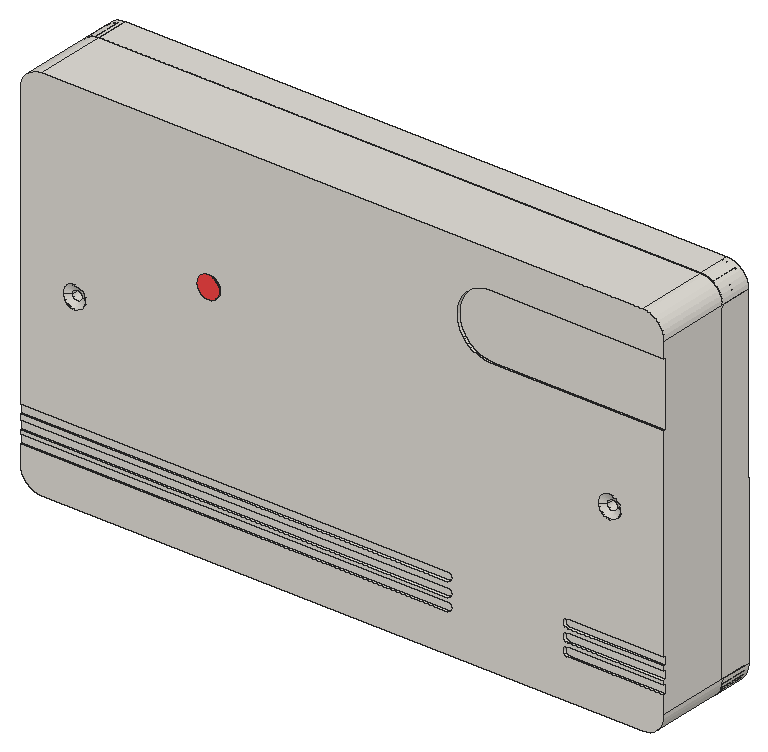
Revit family "TYCO-FPP-FireClass-FC410DDM FIRE & GAS DET MOD", category Electrical Fixtures, Revit 2014
Parameters (values of type "TYCO-FPP-FireClass-FC410DDM FIRE & GAS DET MOD")
  Width = 84 mm  # constant formula
  URL = "https://fireclass.co.uk/en/emea/DocumentandMedia1/Data%20Sheets/80093%20Tyco%20Datasheet_addressable%20Loop%20Modules%20LR.pdf"
  Type Comments = "The FC410DDM provides the ability to connect and interface 2\r\nconventional zones, to the FireClass fire alarm controller."
  S = SS1
  Rear cover = yes
  RT = RT
  PCB = PCB
  Operating Temperature = "- 25 - + 70 ºC"
  Monitor Resistor Value = "100 Ohms"
  Model = "FireClass-577.800.706"
  Manufacturer = "Tyco"
  Loop Voltage Max = "40 V DC"
  Length = 60 mm  # constant formula
  Keynote = "The conventional detector circuits can be configured as one Class A\r\ncircuit (loop) or two Class B spur circuits."
  Front cover = yes
  EOL = "4.7KOHM"
  Description = "Universal Detection Module"
Reference planes
  plane 1 "Center (Front/Back)": y = 0
  plane 2: z = 0
  plane 3 "Center (Left/Right)": x = 0
  plane 4: x = -42
  plane 5: x = 42
  plane 6: z = 30
  plane 7: z = -30
Forms (mm)
  Extrusion 1, solid, material "PCB" <- "PCB", detail levels fine
    sketch origin (0, 0, 0) x (1, 0, 0) y (0, 0, 1)
      loop
        line (-42, 30) -> (-42, -30) -> (42, -30) -> (42, 30) -> (-42, 30)
      loop
        circle (38.218, 26.642) r 1.142
      loop
        circle (38.218, -26.642) r 1.142
      loop
        circle (-38.218, 13.987) r 1.142
      loop
        circle (-38.218, -26.642) r 1.142
    from 0 to -0.547
  Extrusion 2, solid, detail levels fine
    sketch origin (0, 0, 0) x (1, 0, 0) y (0, 0, 1)
      loop
        circle (-28.075, 5.789) r 2.72
      loop
        circle (-18.075, 5.789) r 2.72
      loop
        circle (23.205, 5.789) r 2.72
      loop
        circle (36.346, 9.849) r 2.72
      loop
        circle (5.791, -23.711) r 2.72
    from 0 to 4.051
  Extrusion 3, solid, material "RT" <- "RT", detail levels fine
    sketch origin (0, 0, 0) x (1, 0, 0) y (0, 0, 1)
      loop
        line (37.735, 3.439) -> (32.735, 3.439) -> (32.735, 1.302) -> (37.735, 1.302) -> (37.735, 3.439)
      loop
        line (37.735, -11.018) -> (32.735, -11.018) -> (32.735, -13.902) -> (37.735, -13.902) -> (37.735, -11.018)
      loop
        line (21.816, -9.843) -> (14.338, -9.843) -> (14.338, -17.428) -> (21.816, -17.428) -> (21.816, -9.843)
      loop
        line (-24.977, 1.302) -> (-32.455, 1.302) -> (-32.455, -6.71) -> (-24.977, -6.71) -> (-24.977, 1.302)
      loop
        line (-35.126, -18.924) -> (-40.126, -18.924) -> (-40.126, -21.594) -> (-35.126, -21.594) -> (-35.126, -18.924)
      loop
        line (4.509, 17.221) -> (-1.473, 17.221) -> (-1.473, 10.063) -> (4.509, 10.063) -> (4.509, 17.221)
      loop
        line (-21.131, 17.221) -> (-21.131, 14.122) -> (-15.041, 14.122) -> (-15.041, 17.221) -> (-21.131, 17.221)
      loop
        line (-1.473, 1.302) -> (-1.473, -6.21) -> (6.005, -6.21) -> (6.005, 1.302) -> (-1.473, 1.302)
      loop
        line (-10.341, -12.407) -> (-18.567, -12.407) -> (-18.567, -18.924) -> (-10.341, -18.924) -> (-10.341, -12.407)
      loop
        line (-0.704, -14.91) -> (-0.704, -12.407) -> (-6.202, -12.407) -> (-6.202, -14.91) -> (-0.704, -14.91)
      loop
        line (-18.567, -27.545) -> (-15.769, -27.545) -> (-15.769, -21.594) -> (-18.567, -21.594) -> (-18.567, -27.545)
    from 0 to 0.639
  Extrusion 4, solid, material "RT(1)", detail levels fine
    sketch origin (0, 0, 0) x (1, 0, 0) y (0, 0, 1)
      loop
        line (6.958, 0.794) -> (6.958, -0.706) -> (9.609, -0.706) -> (9.609, 0.794) -> (6.958, 0.794)
      loop
        line (6.958, -1.437) -> (6.958, -2.937) -> (9.609, -2.937) -> (9.609, -1.437) -> (6.958, -1.437)
      loop
        line (6.958, -3.611) -> (6.958, -5.111) -> (9.609, -5.111) -> (9.609, -3.611) -> (6.958, -3.611)
    from 0 to 0.639
  Extrusion 5, solid, material "SS1" <- "S", detail levels fine
    sketch origin (-42, 46.672, 1219.2) x (0, 1, 0) y (0, 0, 1)
      loop
        line (-46.672, -1188.712) -> (-50.481, -1188.712) -> (-52.665, -1190.896) -> (-52.665, -1195.551) -> (-49.504, -1198.712) -> (-46.672, -1198.712) -> (-46.672, -1188.712)
    from 9.545 to 71.914
  Extrusion 6, solid, material "S(1)", detail levels fine
    sketch origin (-42, -3.809, 30.488) x (0, 1, 0) y (-1, 0, 0)
      loop
        line (-0.414, -10.64) -> (-1.875, -10.64) -> (-1.875, -13.562) -> (-0.414, -13.562) -> (-0.414, -10.64)
      loop
        line (-0.414, -14.057) -> (-1.875, -14.057) -> (-1.875, -16.98) -> (-0.414, -16.98) -> (-0.414, -14.057)
      loop
        line (-0.414, -17.497) -> (-1.875, -17.497) -> (-1.875, -20.42) -> (-0.414, -20.42) -> (-0.414, -17.497)
      loop
        line (-0.414, -20.915) -> (-1.875, -20.915) -> (-1.875, -23.837) -> (-0.414, -23.837) -> (-0.414, -20.915)
      loop
        line (-0.414, -24.347) -> (-1.875, -24.347) -> (-1.875, -27.269) -> (-0.414, -27.269) -> (-0.414, -24.347)
      loop
        line (-0.414, -27.764) -> (-1.875, -27.764) -> (-1.875, -30.687) -> (-0.414, -30.687) -> (-0.414, -27.764)
      loop
        line (-0.414, -31.204) -> (-1.875, -31.204) -> (-1.875, -34.127) -> (-0.414, -34.127) -> (-0.414, -31.204)
      loop
        line (-0.414, -34.622) -> (-1.875, -34.622) -> (-1.875, -37.544) -> (-0.414, -37.544) -> (-0.414, -34.622)
      loop
        line (-0.414, -38.064) -> (-1.875, -38.064) -> (-1.875, -40.986) -> (-0.414, -40.986) -> (-0.414, -38.064)
      loop
        line (-0.414, -71.036) -> (-0.414, -68.114) -> (-1.875, -68.114) -> (-1.875, -71.036) -> (-0.414, -71.036)
      loop
        line (-0.414, -67.44) -> (-0.414, -64.518) -> (-1.875, -64.518) -> (-1.875, -67.44) -> (-0.414, -67.44)
      loop
        line (-0.414, -63.866) -> (-0.414, -60.944) -> (-1.875, -60.944) -> (-1.875, -63.866) -> (-0.414, -63.866)
      loop
        line (-0.414, -60.278) -> (-0.414, -57.356) -> (-1.875, -57.356) -> (-1.875, -60.278) -> (-0.414, -60.278)
      loop
        line (-0.414, -56.705) -> (-0.414, -53.782) -> (-1.875, -53.782) -> (-1.875, -56.705) -> (-0.414, -56.705)
      loop
        line (-0.414, -53.108) -> (-0.414, -50.186) -> (-1.875, -50.186) -> (-1.875, -53.108) -> (-0.414, -53.108)
      loop
        line (-0.414, -49.535) -> (-0.414, -46.612) -> (-1.875, -46.612) -> (-1.875, -49.535) -> (-0.414, -49.535)
      loop
        line (-0.414, -45.936) -> (-0.414, -43.014) -> (-1.875, -43.014) -> (-1.875, -45.936) -> (-0.414, -45.936)
    from -2.706 to -0.488
  Extrusion 7, solid, material "S(1)", detail levels fine
    sketch origin (-42, -2.832, 20.488) x (0, -0.707107, 0.707107) y (-1, 0, 0)
      loop
        circle (2.175, -11.989) r 1.397
      loop
        circle (2.175, -15.458) r 1.397
      loop
        circle (2.175, -18.925) r 1.397
      loop
        circle (2.175, -22.393) r 1.397
      loop
        circle (2.175, -25.848) r 1.397
      loop
        circle (2.175, -29.316) r 1.397
      loop
        circle (2.175, -32.784) r 1.397
      loop
        circle (2.175, -36.174) r 1.397
      loop
        circle (2.175, -39.511) r 1.397
      loop
        circle (2.175, -69.792) r 1.397
      loop
        circle (2.175, -66.169) r 1.397
      loop
        circle (2.175, -62.544) r 1.397
      loop
        circle (2.175, -59.089) r 1.397
      loop
        circle (2.175, -55.465) r 1.397
      loop
        circle (2.175, -51.841) r 1.397
      loop
        circle (2.175, -48.295) r 1.397
      loop
        circle (2.175, -44.489) r 1.397
    from -0.508 to 0.433
Cuts and joins
  joined: Extrusion 6, Extrusion 7
Lines and regions (mm)
  model lines, detail levels fine
    curve 1: line (-34.583, 0, 11.31) -> (-5.738, 0, 11.31)
    curve 2: line (-5.738, 0, 11.31) -> (-4.443, 0, 6.48)
    curve 3: line (-4.443, 0, 6.48) -> (5.557, 0, 6.48)
    curve 4: line (-34.583, 0, 11.81) -> (-5.354, 0, 11.81)
    curve 5: line (-5.354, 0, 11.81) -> (-4.06, 0, 6.98)
    curve 6: line (-4.06, 0, 6.98) -> (5.557, 0, 6.98)
    curve 7: line (-38.254, 0, 6.48) -> (-38.254, 0, -13.52)
    curve 8: line (-38.254, 0, -13.52) -> (-28.254, 0, -13.52)
    curve 9: line (-28.254, 0, -13.52) -> (-24.718, 0, -17.056)
    curve 10: line (-24.718, 0, -17.056) -> (-18.567, 0, -17.056)
    curve 11: line (-37.754, 0, 6.48) -> (-37.754, 0, -13.02)
    curve 12: line (-37.754, 0, -13.02) -> (-28.047, 0, -13.02)
    curve 13: line (-28.047, 0, -13.02) -> (-24.511, 0, -16.556)
    curve 14: line (-24.511, 0, -16.556) -> (-18.567, 0, -16.556)
    curve 15: line (-35.2, 0, -9.374) -> (-26.542, 0, -9.374)
    curve 16: line (-26.542, 0, -9.374) -> (-23.329, 0, -12.587)
    curve 17: line (-23.329, 0, -12.587) -> (-18.788, 0, -12.587)
    curve 18: line (-35.2, 0, -9.874) -> (-26.75, 0, -9.874)
    curve 19: line (-26.75, 0, -9.874) -> (-23.536, 0, -13.087)
    curve 20: line (-23.536, 0, -13.087) -> (-18.788, 0, -13.087)
    curve 21: line (-22.88, 0, -5.089) -> (-10.185, 0, -5.089)
    curve 22: line (-10.185, 0, -5.089) -> (-8.855, 0, -2.784)
    curve 23: line (-8.855, 0, -2.784) -> (-7.052, 0, -2.784)
    curve 24: line (-22.88, 0, -4.589) -> (-10.474, 0, -4.589)
    curve 25: line (-10.474, 0, -4.589) -> (-9.143, 0, -2.284)
    curve 26: line (-9.143, 0, -2.284) -> (-7.052, 0, -2.284)
    curve 27: line (-7.052, 0, -19.347) -> (-7.052, 0, -24.976)
    curve 28: line (-5.309, 0, -26.718) -> (4.738, 0, -26.718)
    curve 29: line (-6.552, 0, -19.347) -> (-6.552, 0, -24.803)
    curve 30: line (-5.136, 0, -26.218) -> (4.738, 0, -26.218)
    curve 31: arc (-6.552, 0, -24.803) -> (-6.137, 0, -25.804) -> (-5.136, 0, -26.218) r 1.415
    curve 32: arc (-7.052, 0, -24.976) -> (-6.541, 0, -26.208) -> (-5.309, 0, -26.718) r 1.743
    curve 33: line (2.477, 0, -19.347) -> (11.655, 0, -19.347)
    curve 34: line (11.655, 0, -19.347) -> (15.985, 0, -21.847)
    curve 35: line (15.985, 0, -21.847) -> (27.414, 0, -21.847)
    curve 36: line (27.414, 0, -21.847) -> (29.914, 0, -18.847)
    curve 37: line (29.914, 0, -18.847) -> (36.149, 0, -18.847)
    curve 38: line (2.477, 0, -19.847) -> (11.521, 0, -19.847)
    curve 39: line (11.521, 0, -19.847) -> (15.851, 0, -22.347)
    curve 40: line (15.851, 0, -22.347) -> (27.621, 0, -22.347)
    curve 41: line (27.621, 0, -22.347) -> (30.121, 0, -19.347)
    curve 42: line (30.121, 0, -19.347) -> (36.161, 0, -19.347)
    curve 43: line (13.548, 0, -23.573) -> (33.548, 0, -23.573)
    curve 44: line (13.548, 0, -25.12) -> (33.569, 0, -25.12)
    curve 45: line (14.189, 0, 0.994) -> (24.189, 0, 0.994)
    curve 46: line (24.189, 0, 0.994) -> (34.725, 0, -5.089)
    curve 47: line (34.725, 0, -5.089) -> (34.725, 0, -11.518)
    curve 48: line (14.189, 0, 1.494) -> (24.323, 0, 1.494)
    curve 49: line (24.323, 0, 1.494) -> (35.225, 0, -4.8)
    curve 50: line (35.225, 0, -4.8) -> (35.225, 0, -11.518)
    curve 51: line (12.235, 0, -3.709) -> (22.985, 0, -3.709)
    curve 52: line (22.985, 0, -3.709) -> (26.857, 0, -5.945)
    curve 53: line (26.857, 0, -5.945) -> (31.353, 0, -5.945)
    curve 54: line (12.235, 0, -4.209) -> (22.851, 0, -4.209)
    curve 55: line (22.851, 0, -4.209) -> (26.723, 0, -6.445)
    curve 56: line (26.723, 0, -6.445) -> (31.353, 0, -6.445)
    curve 57: line (9.725, 0, 11.81) -> (29.725, 0, 11.81)
    curve 58: line (29.725, 0, 11.81) -> (31.353, 0, 14.63)
    curve 59: line (31.353, 0, 14.63) -> (40.676, 0, 14.63)
    curve 60: line (9.725, 0, 12.31) -> (29.437, 0, 12.31)
    curve 61: line (29.437, 0, 12.31) -> (31.065, 0, 15.13)
    curve 62: line (31.065, 0, 15.13) -> (40.676, 0, 15.13)
    curve 63: line (-34.583, 0, 11.31) -> (-35.541, 0, 11.31)
    curve 64: line (-34.583, 0, 12.388) -> (-34.583, 0, 11.31)
    curve 65: line (-35.541, 0, 12.388) -> (-34.583, 0, 12.388)
    curve 66: line (-35.541, 0, 11.31) -> (-35.541, 0, 12.388)
    curve 67: line (-38.254, 0, 6.48) -> (-37.272, 0, 6.48)
    curve 68: line (-38.254, 0, 7.52) -> (-38.254, 0, 6.48)
    curve 69: line (-37.272, 0, 7.52) -> (-38.254, 0, 7.52)
    curve 70: line (-37.272, 0, 6.48) -> (-37.272, 0, 7.52)
    curve 71: line (5.557, 0, 6.48) -> (6.91, 0, 6.48)
    curve 72: line (5.557, 0, 7.986) -> (5.557, 0, 6.48)
    curve 73: line (6.91, 0, 7.986) -> (5.557, 0, 7.986)
    curve 74: line (6.91, 0, 6.48) -> (6.91, 0, 7.986)
    curve 75: line (9.725, 0, 11.81) -> (8.368, 0, 11.81)
    curve 76: line (9.725, 0, 13.422) -> (9.725, 0, 11.81)
    curve 77: line (8.368, 0, 13.422) -> (9.725, 0, 13.422)
    curve 78: line (8.368, 0, 11.81) -> (8.368, 0, 13.422)
    curve 79: line (40.676, 0, 14.63) -> (41.036, 0, 14.63)
    curve 80: line (40.676, 0, 18.006) -> (40.676, 0, 15.13)
    curve 81: line (41.036, 0, 18.006) -> (40.676, 0, 18.006)
    curve 82: line (41.036, 0, 14.63) -> (41.036, 0, 18.006)
    curve 83: line (14.189, 0, 0.994) -> (12.235, 0, 0.994)
    curve 84: line (14.189, 0, 3.41) -> (14.189, 0, 0.994)
    curve 85: line (12.235, 0, 3.41) -> (14.189, 0, 3.41)
    curve 86: line (12.235, 0, 0.994) -> (12.235, 0, 3.41)
    curve 87: line (12.235, 0, -4.209) -> (11.296, 0, -4.209)
    curve 88: line (12.235, 0, -3.29) -> (12.235, 0, -4.209)
    curve 89: line (11.296, 0, -3.29) -> (12.235, 0, -3.29)
    curve 90: line (11.296, 0, -4.209) -> (11.296, 0, -3.29)
    curve 91: line (31.353, 0, -5.945) -> (32.336, 0, -5.945)
    curve 92: line (31.353, 0, -7.372) -> (31.353, 0, -5.945)
    curve 93: line (32.336, 0, -7.372) -> (31.353, 0, -7.372)
    curve 94: line (32.336, 0, -5.945) -> (32.336, 0, -7.372)
    curve 95: circle (-6.441, 0, -2.515) r 0.864 normal (0, -1, 0)
    curve 96: circle (-23.458, 0, -4.859) r 0.818 normal (0, -1, 0)
    curve 97: line (-35.2, 0, -9.874) -> (-36.218, 0, -9.874)
    curve 98: line (-35.2, 0, -8.494) -> (-35.2, 0, -9.874)
    curve 99: line (-36.218, 0, -8.494) -> (-35.2, 0, -8.494)
    curve 100: line (-36.218, 0, -9.874) -> (-36.218, 0, -8.494)
    curve 101: line (-7.052, 0, -19.347) -> (-5.443, 0, -19.347)
    curve 102: line (-7.052, 0, -18.028) -> (-7.052, 0, -19.347)
    curve 103: line (-5.443, 0, -18.028) -> (-7.052, 0, -18.028)
    curve 104: line (-5.443, 0, -19.347) -> (-5.443, 0, -18.028)
    curve 105: line (2.477, 0, -19.847) -> (1.451, 0, -19.847)
    curve 106: line (2.477, 0, -18.453) -> (2.477, 0, -19.847)
    curve 107: line (1.451, 0, -18.453) -> (2.477, 0, -18.453)
    curve 108: line (1.451, 0, -19.847) -> (1.451, 0, -18.453)
    curve 109: line (13.548, 0, -25.12) -> (11.779, 0, -25.12)
    curve 110: line (13.548, 0, -23.973) -> (13.548, 0, -25.12)
    curve 111: line (11.779, 0, -23.973) -> (13.548, 0, -23.973)
    curve 112: line (11.779, 0, -25.12) -> (11.779, 0, -23.973)
    curve 113: circle (34.418, 0, -24.335) r 1.156 normal (0, -1, 0)
    curve 114: circle (37.021, 0, -19.076) r 0.901 normal (0, -1, 0)
  model lines, detail levels coarse+medium
    curve 115: line (-42, 0, 30) -> (42, 0, 30)
    curve 116: line (-42, 0, -30) -> (-42, 0, 30)
    curve 117: line (42, 0, -30) -> (-42, 0, -30)
    curve 118: line (42, 0, 30) -> (42, 0, -30)
Dimensions and locks
  equal spacing: plane 4, plane 3 "Center (Left/Right)", plane 5
  "Width": plane 4 to plane 5
  equal spacing: plane 6, plane 2, plane 7
  "Length": plane 6 to plane 7
  aligned and locked: level to plane 2
  aligned and locked: Extrusion 1 sketch curve to plane 6
  aligned and locked: plane 4 to Extrusion 1 sketch curve
  aligned and locked: Extrusion 1 sketch curve to plane 7
  aligned and locked: plane 5 to Extrusion 1 sketch curve
  aligned and locked: plane 1 "Center (Front/Back)" to Extrusion 1
  aligned and locked: Extrusion 2 to plane 1 "Center (Front/Back)"
  aligned and locked: Extrusion 3 to plane 1 "Center (Front/Back)"
  aligned and locked: Extrusion 4 to plane 1 "Center (Front/Back)"
  aligned and locked: curve 115 to plane 6
  aligned and locked: plane 5 to curve 118
  aligned and locked: curve 117 to plane 7
  aligned and locked: plane 4 to curve 116
  aligned and locked: plane 3 "Center (Left/Right)" to nested 1
  aligned and locked: nested 1 to Extrusion 1
  aligned and locked: plane 2 to nested 1
  aligned and locked: nested 2 to nested 1
  aligned and locked: plane 3 "Center (Left/Right)" to nested 2
  aligned and locked: plane 2 to nested 2
Automatic sketch dimensions
  plane 4 to Extrusion 1 sketch curve = 3.782 mm  (x2)
  plane 5 to Extrusion 1 sketch curve = 3.782 mm  (x2)
  Extrusion 1 sketch curve to plane 7 = 3.358 mm  (x2)
  Extrusion 1 sketch curve to plane 6 = 3.358 mm
  Extrusion 1 sketch curve to plane 6 = 16.013 mm
  level to Extrusion 2 sketch curve = 5.789 mm  (x3)
  plane 4 to Extrusion 2 sketch curve = 13.925 mm
  Extrusion 2 sketch curve to Extrusion 2 sketch curve = 10 mm
  Extrusion 2 sketch curve to plane 7 = 6.289 mm
  plane 5 to Extrusion 2 sketch curve = 36.209 mm
  plane 5 to Extrusion 2 sketch curve = 18.795 mm
  plane 5 to Extrusion 2 sketch curve = 5.654 mm
  level to Extrusion 2 sketch curve = 9.849 mm
  plane 4 to Extrusion 3 sketch curve = 1.874 mm
  Extrusion 3 sketch curve to Extrusion 3 sketch curve = 5 mm
  plane 4 to Extrusion 3 sketch curve = 9.545 mm
  level to Extrusion 3 sketch curve = 1.302 mm  (x3)
  Extrusion 3 sketch curve to Extrusion 3 sketch curve = 7.478 mm  (x2)
  Extrusion 3 sketch curve to Extrusion 3 sketch curve = 3.846 mm
  Extrusion 3 sketch curve to plane 7 = 2.455 mm
  Extrusion 3 sketch curve to Extrusion 3 sketch curve = 16.559 mm
  Extrusion 3 sketch curve to Extrusion 3 sketch curve = 6.41 mm
  Extrusion 3 sketch curve to Extrusion 3 sketch curve = 2.798 mm
  Extrusion 3 sketch curve to Extrusion 3 sketch curve = 6.09 mm
  Extrusion 3 sketch curve to Extrusion 3 sketch curve = 8.226 mm
  Extrusion 3 sketch curve to Extrusion 3 sketch curve = 4.139 mm
  Extrusion 3 sketch curve to plane 3 "Center (Left/Right)" = 1.473 mm  (x2)
  Extrusion 3 sketch curve to plane 3 "Center (Left/Right)" = 0.704 mm
  plane 3 "Center (Left/Right)" to Extrusion 3 sketch curve = 4.509 mm
  plane 3 "Center (Left/Right)" to Extrusion 3 sketch curve = 6.005 mm
  Extrusion 3 sketch curve to Extrusion 3 sketch curve = 8.333 mm
  level to Extrusion 3 sketch curve = 3.439 mm
  plane 5 to Extrusion 3 sketch curve = 9.265 mm  (x2)
  plane 5 to Extrusion 3 sketch curve = 4.265 mm  (x2)
  Extrusion 3 sketch curve to Extrusion 3 sketch curve = 5.951 mm
  Extrusion 3 sketch curve to plane 7 = 8.406 mm
  Extrusion 3 sketch curve to Extrusion 3 sketch curve = 2.671 mm  (x2)
  Extrusion 3 sketch curve to plane 7 = 12.572 mm
  Extrusion 3 sketch curve to Extrusion 3 sketch curve = 4.014 mm
  Extrusion 3 sketch curve to Extrusion 3 sketch curve = 3.526 mm
  Extrusion 3 sketch curve to Extrusion 3 sketch curve = 2.503 mm  (x2)
  Extrusion 3 sketch curve to Extrusion 3 sketch curve = 2.885 mm
  Extrusion 3 sketch curve to Extrusion 3 sketch curve = 7.585 mm
  Extrusion 3 sketch curve to Extrusion 3 sketch curve = 6.196 mm
  Extrusion 3 sketch curve to level = 6.71 mm
  Extrusion 3 sketch curve to Extrusion 3 sketch curve = 8.76 mm
  Extrusion 3 sketch curve to Extrusion 3 sketch curve = 12.82 mm
  Extrusion 3 sketch curve to Extrusion 3 sketch curve = 7.158 mm
  Extrusion 3 sketch curve to Extrusion 3 sketch curve = 3.098 mm
  level to Extrusion 4 sketch curve = 0.794 mm
  plane 3 "Center (Left/Right)" to Extrusion 4 sketch curve = 6.958 mm
  Extrusion 4 sketch curve to Extrusion 4 sketch curve = 0 mm  (x4)
  Extrusion 4 sketch curve to Extrusion 4 sketch curve = 2.651 mm
  Extrusion 4 sketch curve to level = 0.706 mm
  Extrusion 4 sketch curve to Extrusion 4 sketch curve = 0.731 mm
  Extrusion 4 sketch curve to Extrusion 4 sketch curve = 1.5 mm  (x2)
  Extrusion 4 sketch curve to Extrusion 4 sketch curve = 0.674 mm
  Extrusion 5 sketch curve to plane 1 "Center (Front/Back)" = 0 mm
  Extrusion 5 sketch curve to Extrusion 5 sketch curve = 2.832 mm
  plane 6 to Extrusion 5 sketch curve = 0.488 mm
  Extrusion 5 sketch curve to Extrusion 5 sketch curve = 3.809 mm
  Extrusion 5 sketch curve to Extrusion 5 sketch curve = 3.161 mm  (x2)
  Extrusion 5 sketch curve to plane 6 = 1.696 mm
  Extrusion 5 sketch curve to Extrusion 5 sketch curve = 4.655 mm
  Extrusion 5 to Extrusion 6 sketch curve = 1.875 mm  (x2)
  Extrusion 6 sketch curve to Extrusion 6 sketch curve = 0 mm  (x15)
  Extrusion 5 to Extrusion 6 sketch curve = 0.414 mm  (x17)
  Extrusion 6 sketch curve to Extrusion 6 sketch curve = 2.922 mm  (x17)
  Extrusion 6 sketch curve to Extrusion 6 sketch curve = 0.674 mm  (x2)
  Extrusion 6 sketch curve to Extrusion 6 sketch curve = 0.651 mm  (x3)
  Extrusion 6 sketch curve to Extrusion 6 sketch curve = 0.666 mm
  Extrusion 6 sketch curve to Extrusion 6 sketch curve = 0.676 mm
  Extrusion 6 sketch curve to Extrusion 6 sketch curve = 2.027 mm
  Extrusion 6 sketch curve to Extrusion 6 sketch curve = 0.52 mm
  Extrusion 6 sketch curve to Extrusion 6 sketch curve = 0.495 mm  (x4)
  Extrusion 6 sketch curve to Extrusion 6 sketch curve = 0.518 mm  (x2)
  Extrusion 6 sketch curve to Extrusion 6 sketch curve = 0.51 mm
  Extrusion 5 to Extrusion 6 sketch curve = 1.095 mm
  Extrusion 7 sketch curve to Extrusion 5 = 2.175 mm  (x17)
  Extrusion 5 to Extrusion 7 sketch curve = 2.122 mm
  Extrusion 7 sketch curve to Extrusion 7 sketch curve = 3.624 mm  (x4)
  Extrusion 7 sketch curve to Extrusion 7 sketch curve = 3.455 mm  (x2)
  Extrusion 7 sketch curve to Extrusion 7 sketch curve = 3.546 mm
  Extrusion 7 sketch curve to Extrusion 7 sketch curve = 3.806 mm
  Extrusion 7 sketch curve to Extrusion 7 sketch curve = 4.977 mm
  Extrusion 7 sketch curve to Extrusion 7 sketch curve = 3.338 mm
  Extrusion 7 sketch curve to Extrusion 7 sketch curve = 3.39 mm
  Extrusion 7 sketch curve to Extrusion 7 sketch curve = 3.467 mm  (x2)
  Extrusion 7 sketch curve to Extrusion 7 sketch curve = 3.468 mm  (x2)
  Extrusion 5 to Extrusion 7 sketch curve = 2.445 mm
  plane 4 to curve 69 = 3.746 mm
  curve 7 to curve 11 = 0.5 mm  (x2)
  curve 11 to curve 70 = 0.482 mm
  curve 11 to curve 100 = 1.536 mm
  curve 69 to curve 66 = 1.732 mm
  curve 99 to curve 98 = 1.018 mm
  curve 65 to curve 65 = 0.958 mm
  curve 18 to curve 9 = 6.946 mm
  curve 8 to curve 12 = 0.207 mm
  curve 12 to curve 19 = 1.297 mm
  curve 18 to curve 16 = 0.207 mm
  curve 8 to curve 9 = 3.536 mm
  curve 9 to curve 13 = 0.207 mm
  curve 13 to curve 20 = 0.975 mm
  curve 15 to curve 96 = 3.084 mm
  curve 19 to curve 17 = 0.207 mm
  curve 25 to level = 4.589 mm
  curve 25 to plane 3 "Center (Left/Right)" = 10.474 mm
  curve 22 to level = 5.089 mm
  curve 24 to curve 22 = 0.289 mm
  curve 25 to level = 2.284 mm
  curve 24 to curve 25 = 1.331 mm
  curve 25 to curve 23 = 0.289 mm
  curve 102 to plane 3 "Center (Left/Right)" = 7.052 mm
  curve 27 to curve 29 = 0.5 mm
  curve 22 to curve 95 = 2.414 mm
  curve 1 to plane 3 "Center (Left/Right)" = 5.738 mm
  curve 102 to curve 104 = 1.608 mm
  curve 1 to curve 4 = 0.384 mm
  curve 31 to curve 28 = 1.243 mm
  curve 32 to curve 30 = 0.173 mm
  curve 2 to plane 3 "Center (Left/Right)" = 4.443 mm
  curve 2 to curve 6 = 0.384 mm
  plane 3 "Center (Left/Right)" to curve 108 = 1.451 mm
  curve 105 to curve 106 = 1.026 mm
  plane 3 "Center (Left/Right)" to curve 72 = 5.557 mm
  curve 72 to curve 74 = 1.354 mm
  curve 73 to curve 77 = 1.458 mm
  curve 75 to curve 75 = 1.357 mm
  curve 90 to level = 4.209 mm
  plane 3 "Center (Left/Right)" to curve 90 = 11.296 mm
  curve 38 to curve 39 = 9.044 mm
  curve 38 to curve 34 = 0.134 mm
  curve 38 to curve 112 = 0.259 mm
  curve 89 to curve 88 = 0.939 mm
  curve 71 to curve 86 = 5.324 mm
  curve 111 to curve 110 = 1.769 mm
  curve 83 to curve 84 = 1.955 mm
  curve 110 to curve 40 = 2.303 mm
  curve 39 to curve 35 = 0.134 mm
  curve 45 to curve 54 = 8.662 mm
  curve 54 to curve 51 = 0.134 mm
  level to curve 45 = 0.994 mm
  curve 51 to curve 45 = 1.204 mm
  level to curve 49 = 1.494 mm
  curve 45 to curve 49 = 0.134 mm
  curve 54 to curve 56 = 3.872 mm
  curve 55 to curve 53 = 0.134 mm
  curve 34 to curve 36 = 11.429 mm
  curve 35 to curve 40 = 0.207 mm
  curve 48 to curve 60 = 5.113 mm
  curve 60 to curve 58 = 0.289 mm
  curve 35 to curve 37 = 2.5 mm
  curve 36 to curve 41 = 0.207 mm
  curve 60 to curve 62 = 1.628 mm
  curve 61 to curve 59 = 0.289 mm
  curve 52 to curve 93 = 4.496 mm
  curve 53 to curve 94 = 0.982 mm
  curve 41 to curve 113 = 4.297 mm
  curve 91 to curve 47 = 2.39 mm
  curve 46 to curve 49 = 0.5 mm
  plane 5 to curve 114 = 4.979 mm
  plane 5 to curve 80 = 1.324 mm
  curve 62 to curve 79 = 0 mm
  curve 59 to curve 79 = 0.361 mm
  curve 91 to level = 5.945 mm
  curve 56 to curve 52 = 0.5 mm
  curve 92 to curve 56 = 0.927 mm
  curve 99 to level = 8.494 mm
  curve 15 to curve 21 = 4.285 mm
  curve 18 to curve 15 = 0.5 mm
  curve 17 to curve 18 = 2.713 mm
  curve 11 to curve 97 = 3.146 mm
  curve 20 to curve 16 = 0.5 mm
  curve 13 to curve 19 = 3.468 mm
  curve 10 to curve 13 = 0.5 mm
  curve 102 to curve 10 = 0.972 mm
  curve 106 to curve 103 = 0.425 mm
  curve 37 to plane 7 = 11.153 mm
  curve 102 to curve 102 = 1.319 mm
  curve 34 to curve 106 = 0.894 mm
  curve 114 to curve 37 = 0.229 mm
  curve 106 to curve 33 = 0.5 mm
  curve 41 to curve 36 = 0.5 mm
  curve 34 to curve 38 = 2 mm
  curve 39 to curve 34 = 0.5 mm
  curve 111 to curve 39 = 1.626 mm
  curve 29 to curve 29 = 5.456 mm
  curve 113 to curve 42 = 4.989 mm
  curve 27 to curve 29 = 0.173 mm
  curve 110 to curve 110 = 1.147 mm
  curve 91 to curve 46 = 0.856 mm
  curve 21 to curve 96 = 0.23 mm
  curve 46 to curve 49 = 0.289 mm
  curve 54 to curve 52 = 0.5 mm
  curve 51 to curve 88 = 0.419 mm
  curve 23 to curve 25 = 0.5 mm
  curve 95 to curve 26 = 0.231 mm
  curve 83 to curve 85 = 2.416 mm
  level to curve 3 = 6.48 mm
  level to curve 7 = 6.48 mm
  curve 2 to curve 6 = 0.5 mm
  curve 7 to curve 69 = 1.04 mm
  curve 6 to curve 72 = 1.006 mm
  curve 69 to curve 63 = 3.79 mm
  curve 48 to curve 57 = 10.315 mm
  curve 1 to curve 4 = 0.5 mm
  curve 57 to curve 60 = 0.5 mm
  curve 4 to curve 64 = 0.578 mm
  curve 75 to curve 77 = 1.612 mm
  curve 60 to curve 59 = 2.32 mm
  curve 58 to curve 61 = 0.5 mm
  curve 62 to curve 81 = 2.876 mm
  curve 96 to curve 21 = 0.578 mm
  curve 24 to curve 21 = 0 mm
  curve 16 to curve 17 = 4.541 mm
  curve 17 to curve 20 = 0 mm
  curve 20 to curve 14 = 0.221 mm
  curve 14 to curve 10 = 0 mm
  curve 26 to curve 95 = 0.611 mm
  curve 26 to curve 23 = 0 mm
  plane 3 "Center (Left/Right)" to curve 30 = 4.738 mm
  curve 30 to curve 28 = 0 mm
  curve 43 to curve 113 = 0.869 mm
  curve 43 to curve 44 = 0.02 mm
  curve 37 to curve 114 = 0.872 mm
  curve 47 to curve 93 = 4.146 mm
  curve 50 to curve 47 = 0 mm
  radius of Extrusion 1 sketch curve = 1.142 mm  (x4)
  radius of Extrusion 2 sketch curve = 2.72 mm  (x5)
  radius of Extrusion 7 sketch curve = 1.397 mm  (x17)
  radius of curve 95 = 0.864 mm
  radius of curve 96 = 0.818 mm
Nested families
  nested 1: "517.035.007" at (0, 0.547, 0), visible <- "Front cover", type "517.035.007 cover"
    with Front Cover yes
  nested 2: "517.035.010 rear cover" at (0, -5.817, -7.5), visible <- "Rear cover", type "517.035.010 back box"
    with Rear cover yes
Connectors
  electrical at (0, 0.547, 0)
    settings: on Extrusion 1, index 1, voltage 24 V, apparent load 0 VA, apparent load phase1 0 VA, apparent load phase2 0 VA, apparent load phase3 0 VA, power factor 1, load classification "Other", number of poles 1, system type 31, power factor state 1, is connector primary yes, connector utility no, sub classification motor no, connector description ""
Definition of nested family "517.035.007"
  Parameters (values of type "517.035.007 cover")
    X = 2 mm
    W = 148 mm
    Type Comments = "M520 Ancillary cover for use with 800 series modules.\r\nWill fit onto a MK style double gang back box."
    Model = "517.035.007"
    Material = Cover
    Manufacturer = "Tyco"
    L = 87 mm
    Front Cover [instance] = yes
    Description = "M520 Ancillary Cover"
    D = 23 mm
  Reference planes
    plane 1 "Center (Front/Back)": y = 0
    plane 2: z = 0
    plane 3 "Center (Left/Right)": x = 0
    plane 4: x = -74
    plane 5: x = 74
    plane 6: x = 61.5
    plane 7: z = 43.5
    plane 8: z = -43.5
    plane 9: y = -23
  Forms (mm)
    Extrusion 1, solid, material "Cover" <- "Material", visible <- "Front Cover", detail levels fine
      sketch origin (0, -23.027, 0) x (1, 0, 0) y (0, 0, 1)
        loop
          arc (-69, 43.5) -> (-72.536, 42.036) -> (-74, 38.5) r 5
          line (-74, 38.5) -> (-74, -38.5)
          arc (-74, -38.5) -> (-72.536, -42.036) -> (-69, -43.5) r 5
          line (-69, -43.5) -> (69, -43.5)
          arc (69, -43.5) -> (72.536, -42.036) -> (74, -38.5) r 5
          line (74, -38.5) -> (74, 38.5)
          arc (74, 38.5) -> (72.536, 42.036) -> (69, 43.5) r 5
          line (69, 43.5) -> (-69, 43.5)
      from -23 to 0
    Extrusion 2, void
      sketch origin (0, -23.027, 0) x (-1, 0, 0) y (0, 0, 1)
        loop
          line (74, -26.396) -> (-24.324, -26.396)
          arc (-24.324, -26.396) -> (-25.324, -27.396) -> (-24.324, -28.396) r 1
          line (-24.324, -28.396) -> (74, -28.396) -> (74, -26.396)
        loop
          line (74, -29.671) -> (-24.324, -29.671)
          arc (-24.324, -29.671) -> (-25.324, -30.671) -> (-24.324, -31.671) r 1
          line (-24.324, -31.671) -> (74, -31.671) -> (74, -29.671)
        loop
          line (74, -32.583) -> (-24.324, -32.583)
          arc (-24.324, -32.583) -> (-25.324, -33.583) -> (-24.324, -34.583) r 1
          line (-24.324, -34.583) -> (74, -34.583) -> (74, -32.583)
        loop
          line (-51.834, -26.396) -> (-74, -26.396) -> (-74, -28.396) -> (-51.834, -28.396)
          arc (-51.834, -28.396) -> (-50.834, -27.396) -> (-51.834, -26.396) r 1
        loop
          line (-51.834, -29.305) -> (-74, -29.305) -> (-74, -31.305) -> (-51.834, -31.305)
          arc (-51.834, -31.305) -> (-50.834, -30.305) -> (-51.834, -29.305) r 1
        loop
          line (-51.834, -32.254) -> (-74, -32.254) -> (-74, -34.254) -> (-51.834, -34.254)
          arc (-51.834, -34.254) -> (-50.834, -33.254) -> (-51.834, -32.254) r 1
        loop
          line (-74, 34.995) -> (-74, 19.995) -> (-34, 19.995)
          arc (-34, 19.995) -> (-26.5, 27.495) -> (-34, 34.995) r 7.5
          line (-34, 34.995) -> (-74, 34.995)
      from 0 to 0.563
    Revolve 3, void
      sketch origin (0, -23.027, 0) x (0, -1, 0) y (1, 0, 0)
        loop
          line (-3.575, 61.5) -> (0, 61.5) -> (0, 64.045) -> (-0.836, 62.678) -> (-3.575, 62.678) -> (-3.575, 61.5)
        axis (-3.575, 61.5) -> (0, 61.5)
      angle from 0 to 360
    Extrusion 4, solid, material "LED RED", detail levels fine
      sketch origin (0, -23.027, 0) x (1, 0, 0) y (0, 0, 1)
        loop
          circle (-30.624, 12.978) r 2.558
      from -1.293 to 0.174
    Extrusion 5, void
      sketch origin (-94.576, -0.027, -4572) x (1, 0, 0) y (0, 0, -1)
        loop
          line (26.703, -4612.567) -> (162.316, -4612.567)
          arc (162.316, -4612.567) -> (164.664, -4611.594) -> (165.637, -4609.246) r 3.321
          line (165.637, -4609.246) -> (165.637, -4534.612)
          arc (165.637, -4534.612) -> (164.589, -4532.082) -> (162.058, -4531.033) r 3.578
          line (162.058, -4531.033) -> (27.05, -4531.033)
          arc (27.05, -4531.033) -> (24.499, -4532.09) -> (23.442, -4534.641) r 3.608
          line (23.442, -4534.641) -> (23.442, -4609.306)
          arc (23.442, -4609.306) -> (24.397, -4611.612) -> (26.703, -4612.567) r 3.261
      from 0 to -19.425
    Revolve 6, void
      sketch origin (0, -23.027, 0) x (0, 1, 0) y (-1, 0, 0)
        loop
          line (3.575, 61.5) -> (3.575, 62.678) -> (0.836, 62.678) -> (0, 64.045) -> (0, 61.5) -> (3.575, 61.5)
        axis (3.575, 61.5) -> (0, 61.5)
      angle from 0 to 360
  Cuts and joins
    Extrusion 2, Revolve 3, Extrusion 5, Revolve 6 cuts Extrusion 1
  Dimensions and locks
    equal spacing: plane 4, plane 3 "Center (Left/Right)", plane 5
    "W": plane 4 to plane 5
    locked: plane 5 to plane 6 at 12.5
    equal spacing: plane 7, level, plane 8
    "L": plane 7 to plane 8
    "D": plane 9 to plane 1 "Center (Front/Back)"
    aligned and locked: plane 2 to level
    aligned and locked: Extrusion 1 to Extrusion 5
    aligned and locked: Extrusion 1 sketch curve to plane 7
    aligned and locked: plane 4 to Extrusion 1 sketch curve
    aligned and locked: Extrusion 1 sketch curve to plane 8
    aligned and locked: Extrusion 1 to Extrusion 2
  Automatic sketch dimensions
    plane 5 to Extrusion 1 sketch curve = 0 mm
    plane 4 to Extrusion 1 sketch curve = 5 mm  (x2)
    plane 5 to Extrusion 1 sketch curve = 5 mm
    Extrusion 1 sketch curve to Extrusion 1 sketch curve = 5 mm
    plane 5 to Extrusion 2 sketch curve = 0 mm  (x4)
    Extrusion 2 sketch curve to plane 4 = 0 mm  (x3)
    Extrusion 2 sketch curve to plane 6 = 9.666 mm
    Extrusion 2 sketch curve to Extrusion 2 sketch curve = 0 mm  (x4)
    Extrusion 2 sketch curve to plane 6 = 27.5 mm
    Extrusion 2 sketch curve to plane 8 = 9.917 mm
    plane 3 "Center (Left/Right)" to Extrusion 2 sketch curve = 24.324 mm
    Extrusion 2 sketch curve to plane 8 = 9.246 mm
    Extrusion 2 sketch curve to plane 8 = 8.917 mm
    Extrusion 2 sketch curve to Extrusion 2 sketch curve = 1 mm  (x5)
    Extrusion 2 sketch curve to Extrusion 2 sketch curve = 0.912 mm
    Extrusion 2 sketch curve to Extrusion 2 sketch curve = 0.95 mm
    Extrusion 2 sketch curve to Extrusion 2 sketch curve = 0.908 mm
    Extrusion 2 sketch curve to Extrusion 2 sketch curve = 1.275 mm
    level to Extrusion 2 sketch curve = 19.995 mm
    Extrusion 2 sketch curve to Extrusion 2 sketch curve = 7.5 mm
    Revolve 3 sketch curve to plane 6 = 0 mm  (x2)
    plane 1 "Center (Front/Back)" to Revolve 3 sketch curve = 19.452 mm
    plane 6 to Revolve 3 sketch curve = 1.178 mm
    Revolve 3 sketch curve to Revolve 3 sketch curve = 2.739 mm
    plane 6 to Revolve 3 sketch curve = 2.545 mm
    Revolve 3 sketch curve to Revolve 3 sketch curve = 0.836 mm
    Revolve 3 sketch curve to Revolve 3 sketch curve = 0.558 mm
    Revolve 3 sketch curve to Revolve 3 sketch curve = 1.62 mm
    Extrusion 4 sketch curve to Extrusion 1 = 43.376 mm
    Extrusion 4 sketch curve to Extrusion 1 = 30.522 mm
    plane 4 to Extrusion 5 sketch curve = 2.867 mm
    Extrusion 5 sketch curve to plane 7 = 2.933 mm
    Extrusion 5 sketch curve to Extrusion 5 sketch curve = 3.261 mm
    Extrusion 5 sketch curve to plane 8 = 2.533 mm
    Extrusion 5 sketch curve to Extrusion 5 sketch curve = 3.608 mm
    plane 6 to Extrusion 5 sketch curve = 5.983 mm
    plane 6 to Extrusion 5 sketch curve = 6.24 mm
    plane 5 to Extrusion 5 sketch curve = 2.939 mm
    plane 1 "Center (Front/Back)" to Revolve 6 sketch curve = 23.027 mm
    Revolve 6 sketch curve to Revolve 6 sketch curve = 0.836 mm
    Revolve 6 sketch curve to Revolve 6 sketch curve = 2.739 mm
    plane 4 to Revolve 6 sketch curve = 12.5 mm
    Revolve 6 sketch curve to Revolve 6 sketch curve = 1.178 mm
    Revolve 6 sketch curve to Revolve 6 sketch curve = 1.367 mm
    Revolve 6 sketch curve to Revolve 6 sketch curve = 1.62 mm
    Revolve 6 sketch curve to Revolve 6 sketch curve = 0.558 mm
    Revolve 6 sketch curve to Revolve 6 sketch curve = 0 mm
    radius of Extrusion 4 sketch curve = 2.558 mm
Definition of nested family "517.035.010 rear cover"
  Parameters (values of type "517.035.010 back box")
    W = 148 mm
    URL = "http://tfppemea.com/en/_layouts/fsassets/Docs/Detection_FireClass/UK%20FireClass%20CATALOGUE%20(LR).pdf"
    Type Comments = "K2142 White plastic surface mount MK backbox for use\r\nwith 800 Series addressable ancillaries using 517.035.007\r\ncover."
    Rear cover [instance] = yes
    Model = "517.035.010\r\n517.035.010"
    Manufacturer = "Tyco"
    L = 87 mm
    Finish = rear cover
    Description = "K2142 White Plastic Surface Mount MK\r\nbackbox"
  Reference planes
    plane 1 "Center (Front/Back)": y = 0
    plane 2: z = 0
    plane 3 "Center (Left/Right)": x = 0
    plane 4: x = -74
    plane 5: x = 74
    plane 6: z = 7.5
  Forms (mm)
    Extrusion 1, solid, material "rear cover" <- "Finish", visible <- "Rear cover", detail levels fine
      sketch origin (0, 7.5, 7.5) x (1, 0, 0) y (0, 0, 1)
        loop
          arc (-69, 43.5) -> (-72.536, 42.036) -> (-74, 38.5) r 5
          line (-74, 38.5) -> (-74, -38.5)
          arc (-74, -38.5) -> (-72.536, -42.036) -> (-69, -43.5) r 5
          line (-69, -43.5) -> (69, -43.5)
          arc (69, -43.5) -> (72.536, -42.036) -> (74, -38.5) r 5
          line (74, -38.5) -> (74, 38.5)
          arc (74, 38.5) -> (72.536, 42.036) -> (69, 43.5) r 5
          line (69, 43.5) -> (-69, 43.5)
      from 0 to 7.5
    Extrusion 2, void
      sketch origin (0, 0, 0) x (-1, 0, 0) y (0, 0, 1)
        loop
          line (71.151, 48.985) -> (-71.802, 48.985) -> (-71.802, -33.613) -> (71.151, -33.613) -> (71.151, 48.985)
        loop
          circle (-61, 7.5) r 1.229
        loop
          circle (-61, 7.5) r 2.2
        loop
          circle (61, 7.5) r 1.229
        loop
          circle (61, 7.5) r 2.2
      from 0 to 6.364
  Cuts and joins
    Extrusion 2 cuts Extrusion 1
  Dimensions and locks
    equal spacing: plane 4, plane 3 "Center (Left/Right)", plane 5
    "W": plane 4 to plane 5
    plane 6 to plane 2 = 7.5 mm
    aligned and locked: plane 2 to level
    aligned and locked: Extrusion 1 sketch curve to plane 4
    aligned and locked: Extrusion 1 sketch curve to plane 5
  Automatic sketch dimensions
    Extrusion 1 sketch curve to plane 4 = 5 mm
    Extrusion 1 sketch curve to Extrusion 1 sketch curve = 5 mm
    Extrusion 1 sketch curve to plane 5 = 5 mm  (x2)
    Extrusion 1 sketch curve to level = 36 mm
    plane 6 to Extrusion 1 sketch curve = 38.5 mm
    Extrusion 2 sketch curve to Extrusion 2 sketch curve = 0 mm  (x4)
    Extrusion 2 sketch curve to plane 6 = 0 mm  (x2)
    Extrusion 2 sketch curve to plane 5 = 2.198 mm
    Extrusion 2 sketch curve to plane 5 = 13 mm
    Extrusion 2 sketch curve to plane 4 = 13 mm
    Extrusion 2 sketch curve to plane 4 = 2.849 mm
    Extrusion 2 sketch curve to level = 33.613 mm
    plane 6 to Extrusion 2 sketch curve = 41.485 mm
    radius of Extrusion 2 sketch curve = 1.229 mm  (x2)
    radius of Extrusion 2 sketch curve = 2.2 mm  (x2)
